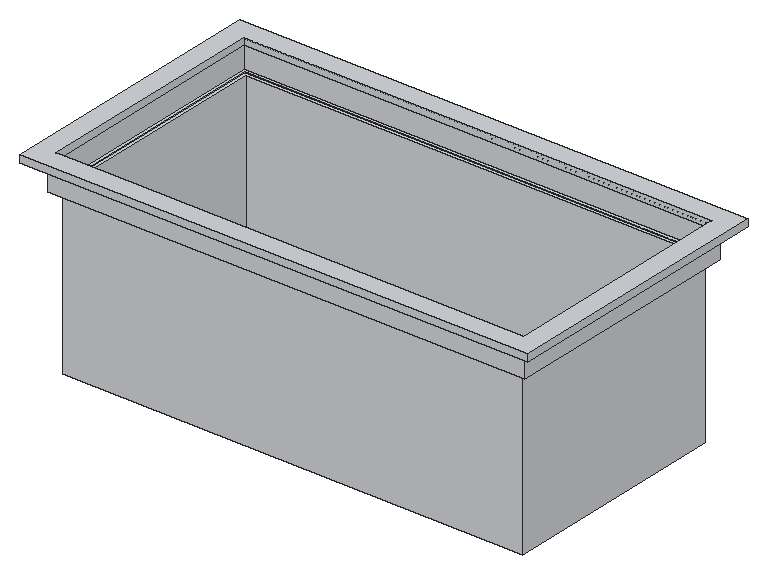
Revit family "Gira_289700", category Electrical Fixtures, host Face, Revit 2017
Family settings
  Host = Face
  Maintain Annotation Orientation = No
  Round Connector Dimension = Use Diameter
  Part Type = Normal
  Cut with Voids When Loaded = No
  Shared = No
  Room Calculation Point = No
Parameters (values of type "DB 2-g flat Gira E22")
  URL = "http://katalog.gira.de/en/datenblatt.html?artikelnr=289700"
  Shape = "Square"
  Name = "DB 2-g flat Gira E22"
  Mounting switching equipment = "Screwing"
  Model = "Other"
  Manufacturer URL = "https://www.gira.de/"
  Manufacturer = "Gira"
  Keynote = ""
  HeinzeBIM = "https://bimportal.heinze.de/bim/db-2-g-flat-gira-e22/c4a1bf5bccfb53b4f400ba888658c322ed719132"
  HAN = "289700"
  GTIN = "4010337066521"
  Equipped with = "None"
  Description = "DB 2g flat E22,Gira E2, Gira E22 device box for flat installation,,2-gang,Features:,- With the aid of the Gira device box and cover frame for flat installation, the Gira E2 and Gira E22 design lines can be installed flat on the wall.,- For flush-mounted installation in brickwork, the device box is inserted into an flush-mounted installation box, which is then placed in the wall.,,Notes :,- The device box has no cable retainer."
  Default Elevation = 1219.2 mm
  Data sheet (1) = "https://katalog.gira.de/en/download.html?artikelnr=289700"
  Construction type = "Device connection box (round/square)"
  Category = "Box/housing for built-in mounting in the wall/ceiling"
  BIM (1) = "https://media.stage.bim.site/public/gira/36a6b08/E22flach_Gerätedose_2fach.rfa?public/gira/36a6b08/E22flach_Gerätedose_2fach.rfa"
  Available = "No"
Reference planes
  plane 1 "Center (Front/Back)": y = 0
  plane 2: z = 0
  plane 3 "Center (Left/Right)": x = 0
Forms (mm)
  Extrusion 1, solid, detail levels fine
    sketch origin (0, 0, 0) x (1, 0, 0) y (0, 1, 0)
      loop
        line (-77.5, -42) -> (77.5, -42) -> (77.5, 42) -> (-77.5, 42) -> (-77.5, -42)
      loop
        line (-71.457, 35.957) -> (-71.457, -35.957) -> (71.457, -35.957) -> (71.457, 35.957) -> (-71.457, 35.957)
    from -1 to 1
  Extrusion 2, solid, detail levels fine
    sketch origin (0, 0, 0) x (1, 0, 0) y (0, 1, 0)
      loop
        line (-72.8, 37.2) -> (-72.8, -37.2) -> (72.8, -37.2) -> (72.8, 37.2) -> (-72.8, 37.2)
      loop
        line (-71.457, 35.957) -> (-71.457, -35.957) -> (71.457, -35.957) -> (71.457, 35.957) -> (-71.457, 35.957)
    from -9.5 to 0
  Extrusion 3, solid, detail levels fine
    sketch origin (0, 0, 0) x (1, 0, 0) y (0, 1, 0)
      loop
        line (70.25, 34.75) -> (-70.25, 34.75) -> (-70.25, -34.75) -> (70.25, -34.75) -> (70.25, 34.75)
      loop
        line (-68.902, 33.301) -> (-68.902, -33.301) -> (68.801, -33.301) -> (68.801, 33.301) -> (-68.902, 33.301)
    from -59.5 to -7.5
  Extrusion 4, solid, detail levels fine
    sketch origin (0, 0, 0) x (1, 0, 0) y (0, 1, 0)
      loop
        line (-68.902, 33.301) -> (-68.902, -33.301) -> (68.801, -33.301) -> (68.801, 33.301) -> (-68.902, 33.301)
    from -59.5 to -57.5
  Extrusion 5, solid, detail levels fine
    sketch origin (0, 0, 0) x (1, 0, 0) y (0, 1, 0)
      loop
        line (-70.25, -34.75) -> (70.25, -34.75) -> (70.25, 34.75) -> (-70.25, 34.75) -> (-70.25, -34.75)
      loop
        line (-71.457, -35.957) -> (71.457, -35.957) -> (71.457, 35.957) -> (-71.457, 35.957) -> (-71.457, -35.957)
    from -9.5 to -7.5
  Extrusion 6, solid, detail levels coarse
    sketch origin (0, 0, 0) x (1, 0, 0) y (0, 1, 0)
      loop
        line (-77.5, -42) -> (77.5, -42) -> (77.5, 42) -> (-77.5, 42) -> (-77.5, -42)
    from -59.5 to 1
  Extrusion 7, solid, detail levels medium
    sketch origin (4.676, 0, 0) x (1, 0, 0) y (0, 1, 0)
      loop
        line (-82.176, -42) -> (72.824, -42) -> (72.824, 42) -> (-82.176, 42) -> (-82.176, -42)
    from -1 to 1
  Extrusion 8, solid, detail levels medium
    sketch origin (0, 0, 0) x (1, 0, 0) y (0, 1, 0)
      loop
        line (70.25, 34.75) -> (-70.25, 34.75) -> (-70.25, -34.75) -> (70.25, -34.75) -> (70.25, 34.75)
    from -59.5 to -9.5
  Extrusion 9, solid, detail levels medium
    sketch origin (0, 0, 0) x (1, 0, 0) y (0, 1, 0)
      loop
        line (-72.8, 37.2) -> (-72.8, -37.2) -> (72.8, -37.2) -> (72.8, 37.2) -> (-72.8, 37.2)
    from -9.5 to 0
Dimensions and locks
  aligned and locked: plane 2 to host face
  aligned and locked: level to host face
